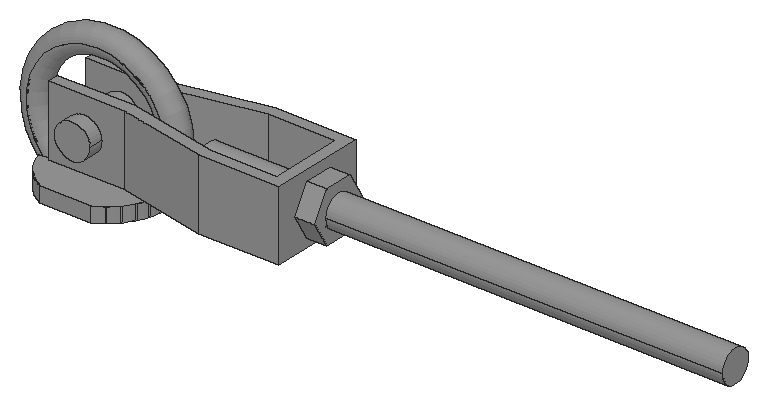
Revit family "LWplc_Latchwaysplc_FallArrestSystemGuidedAnchorLine_EndSet", category Generic Models, host Face, Revit 2014
Parameters (values of type "ManSafe CFP - End Set")
  WarrantyStartDate [instance] = "1900-12-31T23:59:59"
  WarrantyGuarantorParts = "n/a"
  WarrantyGuarantorLabor = "n/a"
  WarrantyDurationUnit = "year"
  WarrantyDurationParts = "n/a"
  WarrantyDurationLabor = "n/a"
  WarrantyDescription = "n/a"
  Version = "1"  # constant formula
  Uniclass2 = "80-30-25/135"
  URL = "www.latchways.com"
  Type Comments = "n/a"
  TagNumber [instance] = "n/a"
  SystemManufacturer = "Latchways plc"  # constant formula
  SystemMaintenance = "Annual service to be completed by Latchways registered installers in accordance with BS7883:2005"  # constant formula
  SustainabilityPerformance = "n/a"
  StructuralAnchors = "n/a"
  Size = "36 x 215 x 49 mm"
  Shape = "n/a"
  SerialNumber [instance] = "n/a"
  Revision = "n/a"
  ReplacementCost = "n/a"
  Reference = "n/a"
  ProductInformation = "www.latchways.com/BIM/Latchways_ConstantForcePost_EndSet_TopComponents.pdf"
  PreInstallationSurvey = "Required"
  NominalWidth = 36 mm
  NominalLength = 215 mm
  NominalHeight = 49 mm
  Name = "FallArrestSystemGuidedAnchorLine_EndSet_Latchwaysplc"
  NBSTypeID = "n/a"
  NBSReference = "80-50-25/110"
  NBSOfficeMasterTag = "n/a"
  NBSNote = "n/a"
  NBSDescription = "Fall arrest system - guided anchor line"
  NBSCertification = "n/a"
  ModelReference = "Constant Force Post  - End Set"
  ModelNumber = "n/a"
  Model = "n/a"
  Material = "n/a"
  ManufacturerURL = "www.latchways.com"
  ManufacturerName = "Latchways plc"
  Manufacturer = "info@latchways.com"
  ManSafeForRoofingBrochure = "www.latchways.com/BIM/MansafeForRoofing.pdf"
  InstallationDate [instance] = "1900-12-31T23:59:59"
  IfcExportType = "IfcTransportElement"  # constant formula
  IfcExportAs = "NOTDEFINED"  # constant formula
  Grade = "n/a"
  FireExit = no
  Finish = "n/a"
  Features = "n/a"
  ExpectedLife = "n/a"
  DurationUnit = "year"
  Description = "Latchways ManSafe® for Roofing, using Constant Force posts"
  Default Elevation = 1219.2 mm
  ProductSpecification = "www.latchways.com/BIM/Latchways_Specification_ConstantForcePost.pdf"
  Constituents = "n/a"
  Color = "n/a"
  CodePerformance = "n/a"
  Category = "n/a"
  BarCode [instance] = "n/a"
  BIMObjectName = "LWplc_Latchwaysplc_FallArrestSystemGuidedAnchorLine_EndSet"
  Author = "Latchways plc"  # constant formula
  AttachmentDeviceGuide = "www.latchways.com/BIM/Latchways_Attachment_Device_Guide.pdf"
  AssetType = "Fixed"
  AssetIdentifier [instance] = "n/a"
  Assembly Code = ""
  AncillaryEquipment = "n/a"
  AnchorLine = "n/a"
  AccessibilityPerformance = "n/a"
Reference planes
  plane 1 "Center (Front/Back)": y = 0
  plane 2: z = 0
  plane 3 "Center (Left/Right)": x = 0
  plane 4: x = 0
  plane 5: y = 0
Forms (mm)
  Extrusion 1, solid, not visible
    sketch origin (0, 0, 0) x (1, 0, 0) y (0, 1, 0)
      loop
        line (-1219.2, 1219.2) -> (-1219.2, -1219.2) -> (1219.2, -1219.2) -> (1219.2, 1219.2) -> (-1219.2, 1219.2)
    from 0 to -250
Dimensions and locks
  nested 2 to nested 1 = 215 mm
  nested 1 to nested 2 = 215 mm
  nested 1 to nested 1 = 36 mm
  aligned and locked: plane 2 to Extrusion 1
  aligned and locked: level to Extrusion 1
Nested families
  nested 1: "LWplc_CFP_Attachment_Ring" at (0, 0, 0), type "LWplc_CFP_Attachment_Ring"
  nested 2: "LWplc_CFP_End_Element" at (0, 0, 20.5), type "LWplc_CFP_End_Element"
Definition of nested family "LWplc_CFP_Attachment_Ring"
  Reference planes
    plane 1 "Center (Front/Back)": y = 0
    plane 2: z = 0
    plane 3 "Center (Left/Right)": x = 0
  Forms (mm)
    Extrusion 1, solid, material "LWplc_Latchwaysplc_StainlessSteel_AISI304"
      sketch origin (0, 0, 0) x (1, 0, 0) y (0, 1, 0)
        loop
          arc (-8.718, 18) -> (-20, 0) -> (-8.718, -18) r 20
          line (-8.718, -18) -> (8.718, -18)
          arc (8.718, -18) -> (20, 0) -> (8.718, 18) r 20
          line (8.718, 18) -> (-8.718, 18)
      from 0 to 5
    Sweep 2, solid, material "LWplc_Latchwaysplc_StainlessSteel_AISI304"
      path in 3D
        loop
          arc (16.674, 0, 3.238) -> (-0.004, 0, 44.5) -> (-16.669, 0, 3.233) r 24
      profile origin (-0.004, 0, 44.5) x (0.000154, 0, -1) y (0, -1, 0)
        loop
          line (0, -4.5) -> (0, 4.5)
          spline (0, 4.5) -> (-1.164, 4.347) -> (-2.25, 3.897) -> (-3.182, 3.182) -> (-3.897, 2.25) -> (-4.346, 1.165) -> (-4.5, 0) -> (-4.346, -1.165) -> (-3.897, -2.25) -> (-3.182, -3.182) -> (-2.25, -3.897) -> (-1.164, -4.347) -> (0, -4.5)
    Extrusion 3, solid, material "LWplc_Latchwaysplc_StainlessSteel_AISI304"
      sketch origin (0, 0, 0) x (1, 0, 0) y (0, 1, 0)
        loop
          arc (-8.718, 18) -> (-20, 0) -> (-8.718, -18) r 20
          line (-8.718, -18) -> (8.718, -18)
          arc (8.718, -18) -> (20, 0) -> (8.718, 18) r 20
          line (8.718, 18) -> (-8.718, 18)
      from 0 to 5
    Sweep 4, solid, material "LWplc_Latchwaysplc_StainlessSteel_AISI304"
      path in 3D
        loop
          arc (12.48, 0, 0) -> (0, 0, 44.5) -> (-12.48, 0, 0) r 24
      profile origin (0, 0, 44.5) x (0, 0, -1) y (0, -1, 0)
        loop
          line (0, 0) -> (0, -4.5)
          arc (0, -4.5) -> (4.5, 0) -> (0, 4.5) r 4.5
          line (0, 4.5) -> (0, 0)
  Cuts and joins
    joined: Extrusion 1, Sweep 2, Sweep 4
  Lines and regions (mm)
    model lines
      curve 1: line (-8.718, 18, 0) -> (8.718, 18, 0)
      curve 2: line (-8.718, -18, 0) -> (8.718, -18, 0)
      curve 3: arc (-8.718, 18, 0) -> (-20, 0, 0) -> (-8.718, -18, 0) r 20
      curve 5: circle (0, 0, 0) r 7 normal (0, 0, 1)
      curve 7: arc (8.718, 18, 0) -> (20, 0, 0) -> (8.718, -18, 0) r 20
    sketch lines
      curve 4: arc (16.674, 0, 3.238) -> (-0.004, 0, 44.5) -> (-16.669, 0, 3.233) r 24
      curve 8: arc (12.48, 0, 0) -> (0, 0, 44.5) -> (-12.48, 0, 0) r 24
    reference lines
      curve 6: circle (0, 0, 20.5) r 6 normal (0, -1, 0)
    model lines, detail levels medium+fine
      curve 9: circle (0, 0, 5) r 7 normal (0, 0, 1)
  Dimensions and locks
    aligned and locked: level to plane 2
Definition of nested family "LWplc_CFP_End_Element"
  Reference planes
    plane 1 "Center (Front/Back)": y = 0
    plane 2: z = 0
    plane 3 "Center (Left/Right)": x = 0
  Forms (mm)
    Extrusion 1, solid, material "LWplc_Latchwaysplc_StainlessSteel_AISI304", detail levels medium+fine
      sketch origin (0, 0, 0) x (1, 0, 0) y (0, 0, 1)
        loop
          circle (0, 0) r 6
      from -15 to 15
    Extrusion 2, solid, material "LWplc_Latchwaysplc_StainlessSteel_AISI304"
      sketch origin (0, 0, 0) x (1, 0, 0) y (0, 1, 0)
        loop
          line (-12, -6) -> (-12, -10) -> (13.585, -10) -> (44.585, -16.5) -> (72, -16.5) -> (72, 16.5) -> (44.585, 16.5) -> (13.585, 10) -> (-12, 10) -> (-12, 6) -> (14, 6) -> (45, 12.5) -> (68, 12.5) -> (68, -12.5) -> (45, -12.5) -> (14, -6) -> (-12, -6)
      from -12 to 12
    Extrusion 3, solid, material "LWplc_Latchwaysplc_StainlessSteel_Brushed"
      sketch origin (61, 10, 0) x (0, -0.5, -0.866025) y (0, -0.866025, 0.5)
        loop
          circle (5, 8.66) r 5.5
      from -154 to 26
  Lines and regions (mm)
    reference lines
      curve 1: line (0, 10, 0) -> (0, -10, 0)
    model lines
      curve 2: line (72, 0, -12) -> (72, 0, 12)
      curve 4: circle (215, 0, 0) r 5.5 normal (-1, 0, 0)
    model lines, detail levels medium+fine
      curve 3: circle (215, 0, 0) r 4 normal (-1, 0, 0)
  Dimensions and locks
    aligned and locked: level to plane 2
  Nested families
    nested 1: "LWplc_Bolt_Head" at (72, 0, 0) x (0, 1, 0) z (1, 0, 0), type "LWplc_Bolt_Head", detail levels medium+fine
  Definition of nested family "LWplc_Bolt_Head"
    Reference planes
      plane 1 "Center (Front/Back)": y = 0
      plane 2: z = 0
      plane 3 "Center (Left/Right)": x = 0
    Forms (mm)
      Extrusion 1, solid, material "LWplc_Latchwaysplc_StainlessSteel_AISI304"
        sketch origin (0, 0, 0) x (1, 0, 0) y (0, 1, 0)
          loop
            line (5, -8.66) -> (10, 0) -> (5, 8.66) -> (-5, 8.66) -> (-10, 0) -> (-5, -8.66) -> (5, -8.66)
        from 0 to 7
    Lines and regions (mm)
      model lines
        curve 1: line (10, 0, 0) -> (5, 8.66, 0)
        curve 2: line (5, 8.66, 0) -> (-5, 8.66, 0)
        curve 3: line (-5, 8.66, 0) -> (-10, 0, 0)
        curve 4: line (-10, 0, 0) -> (-5, -8.66, 0)
        curve 5: line (-5, -8.66, 0) -> (5, -8.66, 0)
        curve 6: line (5, -8.66, 0) -> (10, 0, 0)
      reference lines
        curve 7: line (0, 0, 0) -> (0, 0, 7)
    Dimensions and locks
      aligned and locked: level to plane 2
